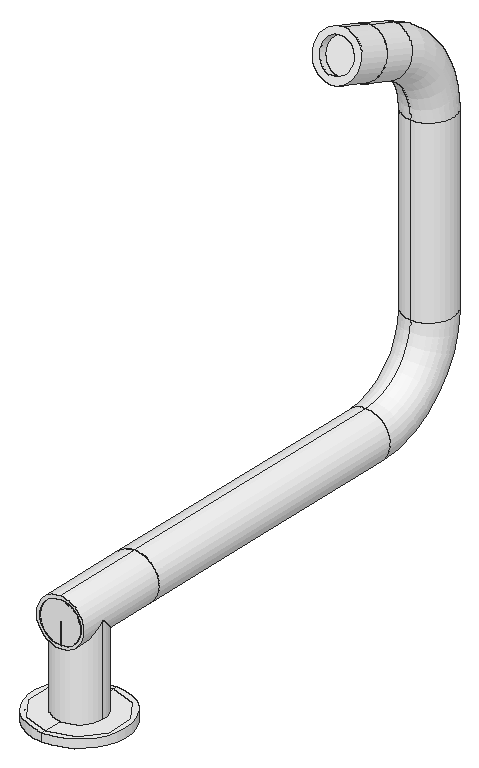
Revit family "Reece_Tap_Mizu_Drift_Bath Outlet_Gooseneck", category Plumbing Fixtures, host Face, Revit 2018
Family settings
  Host = Face
  Round Connector Dimension = Use Diameter
  Part Type = Normal
  Cut with Voids When Loaded = No
  Shared = Yes
  Room Calculation Point = Yes
Parameters (values of type "210 mm_Chrome")
  URL = "https://www.reece.com.au/product/-9503824"
  Reece_Product_Web Page = "https://www.reece.com.au/product/-9503824"
  Reece_Product_Type = "Tap"  # constant formula
  Reece_Product_Sub Brand = "Drift"
  Reece_Product_Number = "9503824"
  WFU = 0  # constant formula
  Reece_Tap_Reach = 210 mm  # constant formula
  Reece_Tap_Inlet = 19 mm  # constant formula
  Reece_Product_Mount = "Wall Mounted"
  Reece_Product_Description = "Mizu Drift Swivel Gooseneck Wall Bath Outlet Chrome"
  Reece_Product_Brand = "Mizu"
  Reece_Overall_Length = 280.5 mm  # constant formula
  Reece_Material_Main = Reece_Brass_Chrome
  Reece_Detail_Installation = ""
  Reece_Detail_Disclaimer = "THIS FILE IS THE PROPERTY OF THE REECE GROUP. IT MAY NOT BE REPRODUCED, REVERSE-ENGINEERED OR MODIFIED. ANY REPUBLICATION, TRANSMISSION OR DISTRIBUTION FOR THE PURPOSE OF COMMERCIALLY EXPLOITING THE FILES IS PROHIBITED."  # constant formula
  Reece_Detail_Connector = ""
  Reece_Detail_Additional = ""
  Model = "Drift"
  Manufacturer = "Mizu"
  Keynote = "Product #9503824, Reece_Tap_Mizu_Drift_Bath Outlet_Gooseneck - 210 mm_Chrome"
  HWFU = 0  # constant formula
  Disclaimer = "THIS FILE IS THE PROPERTY OF THE REECE GROUP. IT MAY NOT BE REPRODUCED, REVERSE-ENGINEERED OR MODIFIED. ANY REPUBLICATION, TRANSMISSION OR DISTRIBUTION FOR THE PURPOSE OF COMMERCIALLY EXPLOITING THE FILES IS PROHIBITED."  # constant formula
  Description = "Bath Outlet\r\nBath Outlet\r\nBath Outlet\r\nBath Outlet"
  Default Elevation = 1000 mm
  CWFU = 0  # constant formula
Reference planes
  plane 1 "Center (Front/Back)": y = 0
  plane 2: z = 0
  plane 3 "Center (Left/Right)": x = 0
  plane 4: z = 267.354
  plane 5: z = 280.5
  plane 6: z = 71
  plane 7: z = 57.354
Forms (mm)
  Revolve 1, solid, material "Reece_Brass_Chrome" <- "Reece_Material_Main"
    sketch origin (0, 0, 23) x (0, 1, 0) y (0, 0, 1)
      loop
        line (25.5, -18) -> (0, -18) -> (0, -19.954) -> (25.5, -19.954) -> (25.5, -23) -> (27.5, -23) -> (27.5, -18) -> (25.5, -18)
      axis (0, -18) -> (0, -23)
    angle from 0 to 360
  Sweep 2, solid, material "Reece_Brass_Chrome" <- "Reece_Material_Main"
    path origin (0, 0, 0) x (0, 1, 0) y (0, 0, 1)
      loop
        line (41.013, 57.354) -> (211.5, 57.354)
        arc (211.5, 57.354) -> (244.484, 71.016) -> (258.147, 104) r 46.646
        line (258.147, 104) -> (258.147, 209.511)
        arc (258.147, 209.511) -> (249.647, 236.469) -> (227.222, 253.676) r 47
        line (227.222, 253.676) -> (208.481, 260.497)
    profile origin (0, 126.257, 57.354) x (0, 0, 1) y (1, 0, 0)
      loop
        circle (0, 0) r 14
      loop
        circle (0, 0) r 12
  Sweep 3, solid, material "Reece_Brass_Chrome" <- "Reece_Material_Main"
    path origin (0, 0, 0) x (0, 1, 0) y (0, 0, 1)
      loop
        line (208.781, 260.517) -> (189.997, 267.354)
    profile origin (0, 199.389, 263.935) x (0, -0.34202, -0.939693) y (1, 0, 0)
      loop
        circle (0, 0) r 14
      loop
        circle (0, 0) r 10
  Extrusion 4, solid, material "Reece_Brass_Chrome" <- "Reece_Material_Main"
    sketch origin (0, 189.997, 267.354) x (1, 0, 0) y (0, 0.34202, 0.939693)
      loop
        circle (0, 0) r 10
    from -4.511 to -8.278
  Revolve 5, void
    sketch origin (0, 0, 39.453) x (0, 1, 0) y (0, 0, 1)
      loop
        line (-14, -39.453) -> (-14, -79.453) -> (0, -79.453) -> (0, -39.453) -> (-14, -39.453)
      axis (0, -39.453) -> (0, -79.453)
    angle from 0 to 360
  Sweep 6, solid, material "Reece_Brass_Chrome" <- "Reece_Material_Main"
    path origin (0, 0, 0) x (0, 1, 0) y (0, 0, 1)
      loop
        line (0, 57.354) -> (0, 5)
    profile origin (0, 0, 31.177) x (1, 0, 0) y (0, 1, 0)
      loop
        circle (0, 0) r 14
      loop
        circle (0, 0) r 12
  Extrusion 7, solid, material "Reece_Brass_Chrome" <- "Reece_Material_Main"
    sketch origin (0, 41.013, 57.354) x (0, 0, -1) y (1, 0, 0)
      loop
        circle (0, 0) r 12
    from 47.878 to 55.013
  Sweep 8, solid, material "Reece_Brass_Chrome" <- "Reece_Material_Main"
    path origin (0, 0, 0) x (0, 1, 0) y (0, 0, 1)
      loop
        line (-14, 57.354) -> (41, 57.354)
    profile origin (0, 13.5, 57.354) x (0, 0, 1) y (1, 0, 0)
      loop
        circle (0, 0) r 14
      loop
        circle (0, 0) r 12
Cuts and joins
  Revolve 5 cuts Revolve 1
  joined: Sweep 6, Sweep 8
Text (mm)
  text "Reece Copyright © 2018, Reece Ltd." at (-1403.988, -1192.393, 0), in view "Ref. Level"
  text "Reece ©" at (119.707, 262.585, 120.657), in view "Reece Preview"
Dimensions and locks
  Revolve 1 sketch curve to Revolve 1 sketch curve = 27.5 mm
  "Reece_Overall_Length": plane 5 to host face
  Revolve 5 sketch curve to Revolve 5 sketch curve = 14 mm
  "Reece_Tap_Reach": plane 4 to plane 7
  aligned and locked: plane 2 to host face
  aligned and locked: level to host face
  aligned and locked: Revolve 5 sketch curve to Revolve 5 sketch curve
Automatic sketch dimensions
  host sketch curve to host sketch curve = 424.92 mm
  host sketch curve to host sketch curve = 410.829 mm
  Sweep 2 sketch curve to plane 3 "Center (Left/Right)" = 0 mm
  Sweep 2 sketch curve to profile plane = 0 mm
  Sweep 3 sketch curve to plane 3 "Center (Left/Right)" = 0 mm
  Sweep 3 sketch curve to profile plane = 0 mm
  Sweep 3 sketch curve to Sweep 3 sketch curve = 0 mm  (x2)
  profile plane to Sweep 3 sketch curve = 10 mm
  Sweep 3 sketch curve to plane 1 "Center (Front/Back)" = 189.997 mm
  Sweep 3 sketch curve to Sweep 3 sketch curve = 18.784 mm
  Sweep 3 sketch curve to plane 4 = 0 mm
  Sweep 3 sketch curve to plane 4 = 6.837 mm
  level to Sweep 6 sketch curve = 5 mm
  Sweep 6 sketch curve to Sweep 6 sketch curve = 0 mm  (x2)
  Sweep 6 sketch curve to plane 3 "Center (Left/Right)" = 0 mm
  Sweep 6 sketch curve to profile plane = 0 mm
  Sweep 6 sketch curve to plane 1 "Center (Front/Back)" = 0 mm
  plane 7 to Sweep 6 sketch curve = 0 mm
  Sweep 8 sketch curve to Sweep 8 sketch curve = 0 mm  (x2)
  Sweep 8 sketch curve to plane 3 "Center (Left/Right)" = 0 mm
  Sweep 8 sketch curve to profile plane = 0 mm
  Sweep 8 sketch curve to plane 7 = 0 mm
  plane 1 "Center (Front/Back)" to Sweep 8 sketch curve = 14 mm
  Sweep 8 sketch curve to plane 1 "Center (Front/Back)" = 41 mm
  plane 7 to Sweep 2 sketch curve = 0 mm
  plane 6 to Sweep 2 sketch curve = 33 mm
  Sweep 2 sketch curve to plane 1 "Center (Front/Back)" = 211.5 mm
  Sweep 2 sketch curve to Sweep 2 sketch curve = 47 mm
  Sweep 2 sketch curve to plane 4 = 13.677 mm
  Sweep 2 sketch curve to Sweep 2 sketch curve = 16.075 mm
  Sweep 2 sketch curve to plane 4 = 6.856 mm
  Sweep 2 sketch curve to Sweep 2 sketch curve = 18.741 mm
  Sweep 2 sketch curve to plane 1 "Center (Front/Back)" = 41.013 mm
  Revolve 1 sketch curve to plane 1 "Center (Front/Back)" = 0 mm  (x2)
  Revolve 1 sketch curve to level = 0 mm
  Revolve 1 sketch curve to Revolve 1 sketch curve = 2 mm
  Revolve 1 sketch curve to Revolve 1 sketch curve = 0 mm
  level to Revolve 1 sketch curve = 3.046 mm
  Revolve 1 sketch curve to Revolve 1 sketch curve = 1.954 mm
  Revolve 1 sketch curve to level = 317.81 mm
  plane 5 to Revolve 1 sketch curve = 456.323 mm
  Revolve 5 sketch curve to level = 0 mm
  Revolve 5 sketch curve to plane 1 "Center (Front/Back)" = 0 mm
  Revolve 5 sketch curve to Revolve 5 sketch curve = 40 mm
  Revolve 5 sketch curve to Revolve 5 sketch curve = 261.356 mm
  plane 5 to Revolve 5 sketch curve = 1923.198 mm
  radius of Sweep 2 sketch curve = 14 mm
  radius of Sweep 3 sketch curve = 14 mm
  radius of Extrusion 4 sketch curve to Sweep 3 = 0 mm
  radius of Sweep 6 sketch curve = 14 mm
  radius of Sweep 6 sketch curve = 12 mm
  radius of Extrusion 7 sketch curve to Sweep 2 = 0 mm
  radius of Sweep 8 sketch curve = 14 mm
  radius of Sweep 8 sketch curve = 12 mm
Connectors
  piping at (0, 0, 0), diameter 19, driven by "Reece_Tap_Inlet"
    settings: on host face, index 1, connector inside diameter 609.6 mm, connector length 0 mm, flow factor 0, pipe flow 0.0 L/s, pressure drop 0.0 Pa, fitting loss kfactor 0, connector angle 0.00°, fixture units 0, engagement length 0 mm, angle of deflection 0.00°, flow configuration 0, flow direction 0, fitting loss method 0, system type 7, joint type 0, gender type 0, connector reference index -1, connector utility 0, adjustable connector no, is connector primary yes, connector description ""
